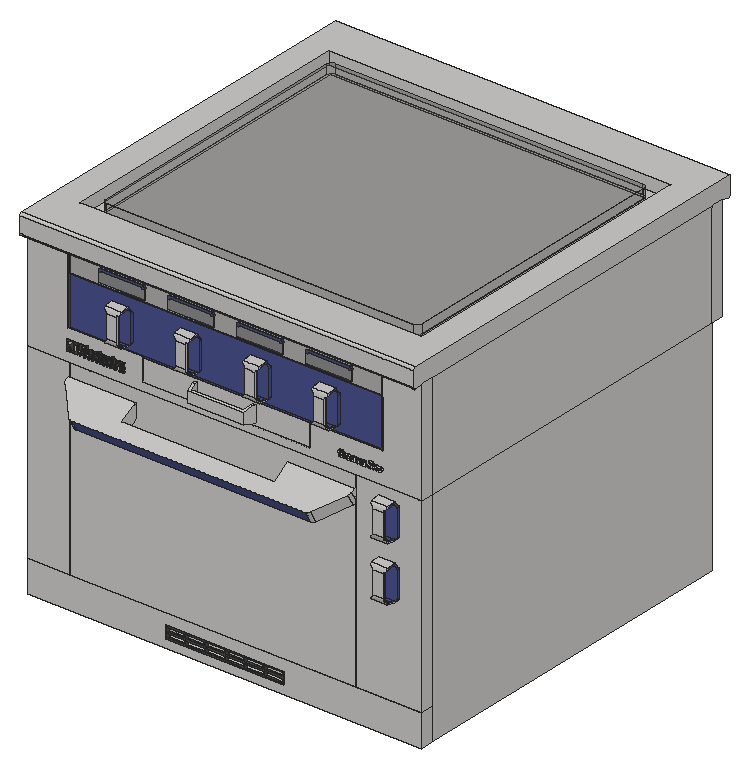
Revit family "QF_ELECTROLUXPROFESSIONAL_588414_MALMEAH8AO", category Attrezzature speciali, Revit 2020
Family settings
  Quota connettore circolare = Usa diametro
  Tipo di parte = Normale
  Basato su piano di lavoro = No
  Sempre verticale = Sì
  Taglio con vuoti quando caricato = No
  Condiviso = No
  Punto di calcolo locali = No
Parameters (values of type "Standard")
  Weight = 208.00 kg
  Watts = 17300 W
  Volts = 400 V
  URL Manufacturer = "https://www.electroluxprofessional.com/"
  URL = "https://www.electroluxprofessional.com/"
  Steam Supply Size = 0"
  Steam Supply Minimum Pressure = 0.00 psi
  Steam Supply Maximum Pressure = 0.00 psi
  Steam Consumption per Hour = 0
  Refrigeration Suction Line Size = 0 mm
  Refrigeration Liquid Line Size = 0 mm
  Refrigerant Compressor Remote = yes
  Prospetto di default = 0 mm
  Phase = 3
  Modello = "MALMEAH8AO"
  Produttore = "Electrolux Professional"
  Length Actual = 800 mm  # constant formula
  Item Number = "588414"
  Hot Water Size = 0"
  Height Actual = 700 mm  # constant formula
  HP = "23.2 HP"
  Gas Size = 0"
  Gas KW = 0
  Gas Input Pressure = 0.0 Btu/h
  Direct Waste Size = 0"
  Descrizione = "EL.SOLID T,ECO,ST.OV,1S,800X800X700H"
  Depth Actual = 800 mm  # constant formula
  Cycle = 50 Hz
  Condensate Return Size = 0"
  Compressed Air Volume = 0 GPM
  Compressed Air Size = 0"
  Compressed Air Pressure = 0.00 psi
  Cold Water Size = 0"
  Accessory = yes
Reference planes
  plane 1 "BACK": y = 0
  plane 2: z = 0
  plane 3 "LEFT": x = 0
  plane 4 "RIGHT": x = 800
  plane 5 "FRONT": y = -800
  plane 6 "TOP": z = 900
  plane 7 "Center (Left/Right)": x = 400
  plane 8: y = -400
  plane 9: z = 200
  plane 10: y = -150
  plane 11 "Panel": y = -755
  plane 12: z = 798
  plane 13: z = 1327
  plane 14: x = 78
  plane 15: x = 722
  plane 16: y = -150
  plane 17: y = -650
  plane 18 "EIx": x = 755
  plane 19 "EIy": y = -585
Forms (mm)
  Extrusion 1, solid, material "QF_Finishes_Stainless Steel"
    sketch origin (-178.969, -4572, 200) x (-1, 0, 0) y (0, -1, 0)
      loop
        line (-178.969, -4527) -> (-178.969, -3817) -> (-978.969, -3817) -> (-978.969, -4527) -> (-178.969, -4527)
    from 450 to 663
  Extrusion 2, solid, material "QF_Finishes_Stainless Steel"
    sketch origin (0, 0, 0) x (0, 1, 0) y (0, 0, 1)
      loop
        line (-755, 200) -> (-755, 265) -> (-780, 265) -> (-780, 200) -> (-755, 200)
    from 0 to 800
  Extrusion 3, solid, material "QF_Finishes_Stainless Steel"
    sketch origin (-588.969, -4562, 200) x (-1, 0, 0) y (0, -1, 0)
      loop
        circle (-1343.969, -3977) r 6.35
    from 0 to -11.851
  Extrusion 4, solid, material "QF_Finishes_Stainless Steel"
    sketch origin (400, 296.4, 1219.2) x (0, 1, 0) y (0, 0, 1)
      loop
        line (-296.4, -319.2) -> (-1091.4, -319.2)
        arc (-1091.4, -319.2) -> (-1094.935, -320.664) -> (-1096.4, -324.2) r 5
        line (-1096.4, -324.2) -> (-1096.4, -355.2)
        arc (-1096.4, -355.2) -> (-1094.971, -358.264) -> (-1091.705, -359.139) r 4
        line (-1091.705, -359.139) -> (-1076.4, -356.231) -> (-316.4, -356.231) -> (-301.094, -359.139)
        arc (-301.094, -359.139) -> (-297.829, -358.264) -> (-296.4, -355.2) r 4
        line (-296.4, -355.2) -> (-296.4, -319.2)
    from -400 to 400
  Extrusion 5, solid, material "QF_Finishes_Electrolux_Black Smoke Iluminated"
    sketch origin (0, 0, 900) x (-1, 0, 0) y (0, -1, 0)
      loop
        arc (-88, 109) -> (-80.929, 111.929) -> (-78, 119) r 10
        line (-78, 119) -> (-78, 680)
        arc (-78, 680) -> (-80.929, 687.071) -> (-88, 690) r 10
        line (-88, 690) -> (-712, 690)
        arc (-712, 690) -> (-719.071, 687.071) -> (-722, 680) r 10
        line (-722, 680) -> (-722, 119)
        arc (-722, 119) -> (-719.071, 111.929) -> (-712, 109) r 10
        line (-712, 109) -> (-88, 109)
    from 0 to -20
  Extrusion 6, solid, material "QF_Finishes_Stainless Steel"
    sketch origin (-178.969, -4572, 200) x (-1, 0, 0) y (0, -1, 0)
      loop
        line (-178.969, -4527) -> (-178.969, -3817) -> (-978.969, -3817) -> (-978.969, -4527) -> (-178.969, -4527)
    from 450 to 0
  Extrusion 7, void
    sketch origin (0, -755, 0) x (-1, 0, 0) y (0, 0, 1)
      loop
        line (-520, 216.594) -> (-280, 216.594) -> (-280, 241.594) -> (-520, 241.594) -> (-520, 216.594)
    from 0 to -25
  Extrusion 8, solid, material "QF_Finishes_Black"
    sketch origin (0, -755, 0) x (-1, 0, 0) y (0, 0, 1)
      loop
        line (-280, 241.594) -> (-520, 241.594) -> (-520, 216.594) -> (-280, 216.594) -> (-280, 241.594)
      loop
        line (-282, 239.594) -> (-319.131, 239.594) -> (-319.131, 230.094) -> (-282, 230.094) -> (-282, 239.594)
      loop
        line (-282, 218.594) -> (-282, 228.094) -> (-319.131, 228.094) -> (-319.131, 218.594) -> (-282, 218.594)
      loop
        line (-321.131, 239.594) -> (-359.066, 239.594) -> (-359.066, 230.094) -> (-321.131, 230.094) -> (-321.131, 239.594)
      loop
        line (-399, 239.594) -> (-399, 230.094) -> (-361.066, 230.094) -> (-361.066, 239.594) -> (-399, 239.594)
      loop
        line (-401, 239.594) -> (-438.934, 239.594) -> (-438.934, 230.094) -> (-401, 230.094) -> (-401, 239.594)
      loop
        line (-359.066, 218.594) -> (-321.131, 218.594) -> (-321.131, 228.094) -> (-359.066, 228.094) -> (-359.066, 218.594)
      loop
        line (-361.066, 218.594) -> (-361.066, 228.094) -> (-399, 228.094) -> (-399, 218.594) -> (-361.066, 218.594)
      loop
        line (-401, 228.094) -> (-438.934, 228.094) -> (-438.934, 218.594) -> (-401, 218.594) -> (-401, 228.094)
      loop
        line (-518, 239.594) -> (-518, 230.094) -> (-480.869, 230.094) -> (-480.869, 239.594) -> (-518, 239.594)
      loop
        line (-518, 218.594) -> (-480.869, 218.594) -> (-480.869, 228.094) -> (-518, 228.094) -> (-518, 218.594)
      loop
        line (-478.869, 239.594) -> (-478.869, 230.094) -> (-440.934, 230.094) -> (-440.934, 239.594) -> (-478.869, 239.594)
      loop
        line (-440.934, 218.594) -> (-440.934, 228.094) -> (-478.869, 228.094) -> (-478.869, 218.594) -> (-440.934, 218.594)
    from -25.03 to -20
  Extrusion 9, void
    sketch origin (0, 0, 900) x (-1, 0, 0) y (0, -1, 0)
      loop
        line (-53, 715) -> (-747, 715) -> (-747, 84) -> (-53, 84) -> (-53, 715)
    from 0 to -25
  Extrusion 10, solid, material "QF_Finishes_Stainless Steel"
    sketch origin (0, 0, 900) x (-1, 0, 0) y (0, -1, 0)
      loop
        line (-82, 113) -> (-82, 686) -> (-718, 686) -> (-718, 113) -> (-82, 113)
    from -20 to -25
  Extrusion 11, solid, material "QF_Finishes_Stainless Steel"
    sketch origin (400, 296.4, 1219.169) x (0, 1, 0) y (0, 0, 1)
      loop
        line (-341.4, -356.2) -> (-341.4, -569.2) -> (-316.4, -569.2) -> (-316.4, -356.2) -> (-341.4, -356.2)
    from -400 to 400
Cuts and joins
  Extrusion 7 cuts Extrusion 6
  Extrusion 7 cuts Extrusion 2
  Extrusion 9 cuts Extrusion 4
Lines and regions (mm)
  symbolic lines
    curve 1: line (0, 0, 200) -> (800, 0, 200)
    curve 2: line (0, -800, 200) -> (0, 0, 200)
    curve 3: line (800, -800, 200) -> (0, -800, 200)
    curve 4: line (800, 0, 200) -> (800, -800, 200)
    curve 5: line (712, -109, 200) -> (88, -109, 200)
    curve 6: line (78, -119, 200) -> (78, -680, 200)
    curve 7: line (88, -690, 200) -> (712, -690, 200)
    curve 8: line (722, -680, 200) -> (722, -119, 200)
    curve 9: arc (88, -109, 200) -> (80.929, -111.929, 200) -> (78, -119, 200) r 10
    curve 10: arc (722, -119, 200) -> (719.071, -111.929, 200) -> (712, -109, 200) r 10
    curve 11: arc (712, -690, 200) -> (719.071, -687.071, 200) -> (722, -680, 200) r 10
    curve 12: arc (78, -680, 200) -> (80.929, -687.071, 200) -> (88, -690, 200) r 10
    curve 13: line (747, -84, 900) -> (53, -84, 900)
    curve 14: line (53, -84, 900) -> (53, -715, 900)
    curve 15: line (747, -715, 900) -> (747, -84, 900)
    curve 16: line (53, -715, 900) -> (747, -715, 900)
  model lines, style "SpecialityEquipment"
    curve 17: arc (584, -161, 900) -> (530.967, -289.033, 900) -> (659, -236, 900) r 75
    curve 18: line (639, -236, 900) -> (679, -236, 900)
    curve 19: line (679, -236, 900) -> (659, -216, 900)
    curve 20: line (639, -236, 900) -> (659, -216, 900)
    curve 21: arc (216, -161, 900) -> (162.967, -289.033, 900) -> (291, -236, 900) r 75
    curve 22: line (271, -236, 900) -> (311, -236, 900)
    curve 23: line (311, -236, 900) -> (291, -216, 900)
    curve 24: line (271, -236, 900) -> (291, -216, 900)
    curve 25: arc (584, -489, 900) -> (530.967, -617.033, 900) -> (659, -564, 900) r 75
    curve 26: line (639, -564, 900) -> (679, -564, 900)
    curve 27: line (679, -564, 900) -> (659, -544, 900)
    curve 28: line (639, -564, 900) -> (659, -544, 900)
    curve 29: arc (216, -489, 900) -> (162.967, -617.033, 900) -> (291, -564, 900) r 75
    curve 30: line (271, -564, 900) -> (311, -564, 900)
    curve 31: line (311, -564, 900) -> (291, -544, 900)
    curve 32: line (271, -564, 900) -> (291, -544, 900)
Dimensions and locks
  plane 3 "LEFT" to plane 4 "RIGHT" = 800 mm
  plane 5 "FRONT" to plane 1 "BACK" = 800 mm
  equal spacing: plane 3 "LEFT", plane 7 "Center (Left/Right)", plane 4 "RIGHT"
  equal spacing: plane 5 "FRONT", plane 8, plane 1 "BACK"
  plane 6 "TOP" to level = 900 mm  (x2)
  plane 9 to level = 200 mm
  plane 1 "BACK" to plane 10 to plane 11 "Panel" = 150 mm, 605 mm  (x2)
  plane 6 "TOP" to plane 9 to level = 700 mm, 200 mm
  plane 1 "BACK" to plane 5 "FRONT" = 800 mm
  plane 1 "BACK" to Extrusion 3 = 585 mm
  plane 12 to plane 9 = 598 mm
  plane 13 to plane 6 "TOP" = 427 mm
  plane 6 "TOP" to plane 12 = 102 mm
  plane 14 to plane 3 "LEFT" = 78 mm
  plane 15 to plane 4 "RIGHT" = 78 mm
  locked: plane 1 "BACK" to plane 16 at 150
  locked: plane 16 to plane 17 at 500
  plane 11 "Panel" to plane 5 "FRONT" = 45 mm
  plane 18 "EIx" to plane 4 "RIGHT" = 45 mm
  plane 19 "EIy" to plane 1 "BACK" = 585 mm
  aligned and locked: level to plane 2
  aligned and locked: Extrusion 2 to plane 4 "RIGHT"
  aligned and locked: plane 3 "LEFT" to nested 1
Automatic sketch dimensions
  Extrusion 2 sketch curve to plane 9 = 0 mm
  Extrusion 2 sketch curve to plane 11 "Panel" = 0 mm
  Extrusion 2 sketch curve to plane 5 "FRONT" = 20 mm
  plane 9 to Extrusion 2 sketch curve = 65 mm
  Extrusion 3 sketch curve to plane 18 "EIx" = 0 mm
  Extrusion 3 sketch curve to plane 19 "EIy" = 0 mm
  Extrusion 4 sketch curve to plane 5 "FRONT" = 0 mm
  Extrusion 4 sketch curve to plane 6 "TOP" = 0 mm
  Extrusion 4 sketch curve to plane 1 "BACK" = 0 mm
  Extrusion 4 sketch curve to plane 5 "FRONT" = 4 mm
  Extrusion 4 sketch curve to Extrusion 4 sketch curve = 0.695 mm
  Extrusion 4 sketch curve to plane 5 "FRONT" = 5 mm
  Extrusion 4 sketch curve to Extrusion 4 sketch curve = 15.305 mm
  plane 1 "BACK" to Extrusion 4 sketch curve = 20 mm
  plane 1 "BACK" to Extrusion 4 sketch curve = 4.695 mm
  Extrusion 4 sketch curve to Extrusion 4 sketch curve = 4 mm
  Extrusion 4 sketch curve to Extrusion 4 sketch curve = 31 mm
  Extrusion 4 sketch curve to plane 6 "TOP" = 36 mm
  Extrusion 4 sketch curve to Extrusion 4 sketch curve = 2.909 mm
  Extrusion 5 sketch curve to plane 15 = 0 mm
  Extrusion 5 sketch curve to plane 14 = 0 mm
  plane 15 to Extrusion 5 sketch curve = 10 mm  (x2)
  Extrusion 5 sketch curve to Extrusion 5 sketch curve = 10 mm  (x2)
  plane 10 to Extrusion 5 sketch curve = 41 mm
  plane 17 to Extrusion 5 sketch curve = 30 mm
  plane 9 to Extrusion 7 sketch curve = 41.594 mm
  plane 7 "Center (Left/Right)" to Extrusion 7 sketch curve = 120 mm
  Extrusion 7 sketch curve to plane 7 "Center (Left/Right)" = 120 mm
  plane 9 to Extrusion 7 sketch curve = 16.594 mm
  plane 9 to Extrusion 8 sketch curve = 41.594 mm
  plane 7 "Center (Left/Right)" to Extrusion 8 sketch curve = 120 mm
  Extrusion 8 sketch curve to Extrusion 8 sketch curve = 2 mm  (x15)
  Extrusion 8 sketch curve to Extrusion 8 sketch curve = 0 mm  (x16)
  Extrusion 8 sketch curve to Extrusion 8 sketch curve = 37.131 mm  (x2)
  Extrusion 8 sketch curve to Extrusion 8 sketch curve = 37.934 mm  (x3)
  plane 7 "Center (Left/Right)" to Extrusion 8 sketch curve = 1 mm  (x2)
  Extrusion 8 sketch curve to plane 7 "Center (Left/Right)" = 1 mm  (x2)
  plane 9 to Extrusion 8 sketch curve = 18.594 mm  (x4)
  Extrusion 8 sketch curve to Extrusion 8 sketch curve = 9.5 mm  (x6)
  plane 18 "EIx" to Extrusion 9 sketch curve = 8 mm
  plane 14 to Extrusion 9 sketch curve = 25 mm
  plane 10 to Extrusion 9 sketch curve = 66 mm
  plane 11 "Panel" to Extrusion 9 sketch curve = 40 mm
  Extrusion 10 sketch curve to plane 14 = 4 mm
  plane 15 to Extrusion 10 sketch curve = 4 mm
  plane 17 to Extrusion 10 sketch curve = 36 mm
  plane 10 to Extrusion 10 sketch curve = 37 mm
  Extrusion 1 sketch curve to plane 4 "RIGHT" = 0 mm
  Extrusion 1 sketch curve to plane 3 "LEFT" = 0 mm
  Extrusion 1 sketch curve to plane 11 "Panel" = 0 mm
  plane 1 "BACK" to Extrusion 1 sketch curve = 45 mm
  plane 1 "BACK" to curve 1 = 0 mm
  curve 1 to plane 4 "RIGHT" = 0 mm
  curve 8 to plane 15 = 0 mm
  curve 6 to plane 14 = 0 mm
  curve 2 to plane 3 "LEFT" = 0 mm
  plane 5 "FRONT" to curve 3 = 0 mm
  plane 15 to curve 5 = 10 mm
  curve 11 to curve 11 = 10 mm
  curve 5 to plane 14 = 10 mm
  curve 12 to curve 6 = 10 mm
  plane 10 to curve 5 = 41 mm
  plane 17 to curve 11 = 30 mm
  Extrusion 6 sketch curve to plane 4 "RIGHT" = 0 mm
  Extrusion 6 sketch curve to plane 3 "LEFT" = 0 mm
  Extrusion 6 sketch curve to plane 11 "Panel" = 0 mm
  plane 1 "BACK" to Extrusion 6 sketch curve = 45 mm
  curve 20 to curve 17 = 55 mm
  curve 26 to curve 25 = 55 mm
  curve 19 to curve 18 = 20 mm
  curve 26 to curve 27 = 20 mm
  curve 18 to curve 19 = 20 mm
  plane 18 "EIx" to curve 13 = 8 mm
  curve 31 to plane 7 "Center (Left/Right)" = 89 mm
  curve 23 to plane 7 "Center (Left/Right)" = 89 mm
  curve 22 to curve 24 = 20 mm
  curve 30 to curve 31 = 20 mm
  curve 23 to curve 22 = 20 mm
  curve 31 to curve 30 = 20 mm
  curve 22 to curve 21 = 55 mm
  curve 30 to curve 29 = 55 mm
  plane 14 to curve 14 = 25 mm
  plane 10 to curve 13 = 66 mm
  plane 11 "Panel" to curve 16 = 40 mm
  curve 29 to curve 30 = 20 mm
  curve 27 to curve 26 = 40 mm
  curve 25 to curve 26 = 20 mm
  plane 15 to curve 19 = 43 mm
  curve 17 to curve 18 = 20 mm
  curve 21 to curve 22 = 20 mm
  Extrusion 11 sketch curve to Extrusion 11 sketch curve = 25 mm
  plane 1 "BACK" to Extrusion 11 sketch curve = 20 mm
  Extrusion 11 sketch curve to plane 12 = 148.031 mm
  Extrusion 11 sketch curve to plane 6 "TOP" = 37.031 mm
  plane 19 "EIy" to curve 27 = 21 mm
  plane 15 to curve 27 = 43 mm
  curve 23 to plane 10 = 66 mm
  curve 19 to plane 10 = 66 mm
  plane 19 "EIy" to curve 32 = 41 mm
  radius of Extrusion 3 sketch curve = 6.35 mm
Nested families
  nested 1: "Door_Panel_W800_A" at (300, -755, 0), type "Door_Panel_W800_A"
  nested 2: "FIT Range Control Handle" at (730, -783.167, -372.751), type "FIT Range Control Handle"
  nested 3: "FIT Range Control Handle" at (730, -783.167, -484.751), type "FIT Range Control Handle"
  nested 4: "Front_Panel_W800_Four Knobs" at (202.376, -755, 0), type "Front_Panel_W800_Four Knobs"
Connectors
  electrical at (755, -585, 188.149)
    settings: on Extrusion 3, index 1, voltage 400 V, apparent load 33000 VA, apparent load phase1 0 VA, apparent load phase2 0 VA, apparent load phase3 0 VA, power factor 1, load classification "Other", number of poles 1, system type 30, power factor state 1, is connector primary yes, connector utility no, sub classification motor no, connector description "ELECTRICAL CONNECTION"
Definition of nested family "Door_Panel_W800_A"
  Parameters
    Default Elevation = 0 mm
  Reference planes
    plane 1 "Center (Front/Back)": y = 0
    plane 2 "Ref. Level": z = 0
    plane 3: x = 500
    plane 4: x = -300
    plane 5 "Center (Left/Right)": x = 100
    plane 6: x = -215
    plane 7: x = 365
    plane 8 "Manopola": through (-6096, -50.059, 612.389) normal (0, -0.515, 0.8572)
    plane 9 "Top": z = 650
    plane 10: z = 265
    plane 11: z = 200
  Forms (mm)
    Extrusion 1, solid
      sketch origin (100, 0, 0) x (0, 1, 0) y (0, 0, 1)
        loop
          line (-25.03, 650) -> (-25.03, 265) -> (0, 265) -> (0, 650) -> (-25.03, 650)
      from 265 to 400
    Extrusion 2, solid
      sketch origin (100, 0, 0) x (0, 1, 0) y (0, 0, 1)
        loop
          line (-25.03, 650) -> (-25.03, 265) -> (0, 265) -> (0, 650) -> (-25.03, 650)
      from -400 to -315
    Extrusion 3, solid
      sketch origin (100, 0, 0) x (0, 1, 0) y (0, 0, 1)
        loop
          line (-25.03, 650) -> (-25.03, 265) -> (0, 265) -> (0, 650) -> (-25.03, 650)
      from -315 to 265
    Extrusion 4, solid
      sketch origin (0, -283.633, 472.044) x (0, 0.857167, 0.515038) y (-1, 0, 0)
        loop
          line (299.12, -365) -> (299.12, 215) -> (290.982, 215)
          arc (290.982, 215) -> (286.677, 214.026) -> (283.211, 211.293) r 10
          line (283.211, 211.293) -> (233.28, 170.86)
          arc (233.28, 170.86) -> (230.548, 167.394) -> (229.574, 163.089) r 10
          line (229.574, 163.089) -> (229.574, -313.089)
          arc (229.574, -313.089) -> (230.548, -317.394) -> (233.28, -320.86) r 10
          line (233.28, -320.86) -> (283.211, -361.293)
          arc (283.211, -361.293) -> (286.677, -364.026) -> (290.982, -365) r 10
          line (290.982, -365) -> (299.12, -365)
      from -27 to 0
    Extrusion 5, void
      sketch origin (100, 0, 0) x (0, 1, 0) y (0, 0, 1)
        loop
          line (-61.514, 605.507) -> (-47.608, 582.363) -> (-25.03, 595.93) -> (-25.03, 627.429) -> (-61.514, 605.507)
      from -180 to 130
    Extrusion 6, solid, detail levels coarse
      sketch origin (100, 0, 0) x (0, 1, 0) y (0, 0, 1)
        loop
          line (-25.03, 265) -> (-25.03, 650)
          arc (-25.03, 650) -> (-297.266, 537.236) -> (-410.03, 265) r 385
          line (-410.03, 265) -> (-25.03, 265)
      from -315 to 265
  Cuts and joins
    Extrusion 5 cuts Extrusion 4
    joined: Extrusion 3, Extrusion 4
  Lines and regions (mm)
    symbolic lines
      curve 1: line (-207.355, -45.043, 0) -> (-170.86, -83.673, 0)
      curve 2: line (-163.089, -86.85, 0) -> (313.089, -86.85, 0)
      curve 3: line (320.86, -83.673, 0) -> (357.355, -45.043, 0)
      curve 4: arc (-163.089, -86.85, 0) -> (-167.318, -86.101, 0) -> (-170.86, -83.673, 0) r 10.165
      curve 5: arc (313.089, -86.85, 0) -> (317.318, -86.101, 0) -> (320.86, -83.673, 0) r 10.165
      curve 6: line (-215, -45.043, 0) -> (-215, -410.03, 0)
      curve 7: line (-215, -410.03, 0) -> (365, -410.03, 0)
      curve 8: line (365, -410.03, 0) -> (365, -45.03, 0)
  Dimensions and locks
    plane 3 to plane 4 = 800 mm
    plane 4 to plane 3 = 800 mm
    equal spacing: plane 3, plane 5 "Center (Left/Right)", plane 4
    plane 6 to plane 4 = 85 mm
    plane 3 to plane 7 = 135 mm
    plane 11 to level = 200 mm
    plane 10 to plane 11 = 65 mm
    plane 10 to plane 9 "Top" = 385 mm
    plane 9 "Top" to plane 11 = 450 mm
    aligned and locked: plane 3 to Extrusion 1
    aligned and locked: cut or joined group of Extrusion 3, Extrusion 4, Extrusion 5 to plane 6
    aligned and locked: cut or joined group of Extrusion 3, Extrusion 4, Extrusion 5 to plane 7
    aligned and locked: plane 7 to Extrusion 1
    aligned and locked: plane 6 to Extrusion 2
    aligned and locked: Extrusion 2 to plane 4
    aligned and locked: plane 10 to Extrusion 2
    aligned and locked: plane 10 to cut or joined group of Extrusion 3, Extrusion 4, Extrusion 5
    aligned and locked: plane 10 to Extrusion 1
    aligned and locked: Extrusion 6 to plane 6
    aligned and locked: Extrusion 6 to plane 7
  Automatic sketch dimensions
    Extrusion 5 sketch curve to plane 8 "Manopola" = 0 mm  (x2)
    plane 1 "Center (Front/Back)" to Extrusion 5 sketch curve = 61.514 mm
    Extrusion 5 sketch curve to Extrusion 5 sketch curve = 13.906 mm
    plane 1 "Center (Front/Back)" to Extrusion 5 sketch curve = 25.03 mm
    Extrusion 4 sketch curve to plane 7 = 0 mm
    Extrusion 4 sketch curve to plane 6 = 0 mm
    plane 6 to Extrusion 4 sketch curve = 51.911 mm
    plane 7 to Extrusion 4 sketch curve = 44.14 mm
    Extrusion 4 sketch curve to Extrusion 4 sketch curve = 3.707 mm  (x2)
    plane 6 to Extrusion 4 sketch curve = 44.14 mm
    plane 7 to Extrusion 4 sketch curve = 3.707 mm
    Extrusion 4 sketch curve to Extrusion 4 sketch curve = 49.93 mm  (x2)
    plane 6 to Extrusion 4 sketch curve = 3.707 mm
    Extrusion 4 sketch curve to Extrusion 4 sketch curve = 7.771 mm  (x3)
    Extrusion 4 sketch curve to Extrusion 4 sketch curve = 8.138 mm
    Extrusion 2 sketch curve to plane 1 "Center (Front/Back)" = 0 mm
    Extrusion 3 sketch curve to plane 1 "Center (Front/Back)" = 0 mm
    Extrusion 1 sketch curve to plane 1 "Center (Front/Back)" = 0 mm
    Extrusion 2 sketch curve to plane 9 "Top" = 0 mm
    Extrusion 2 sketch curve to Extrusion 2 sketch curve = 25.03 mm
    Extrusion 3 sketch curve to plane 9 "Top" = 0 mm
    Extrusion 3 sketch curve to Extrusion 3 sketch curve = 25.03 mm
    Extrusion 1 sketch curve to plane 9 "Top" = 0 mm
    plane 1 "Center (Front/Back)" to Extrusion 1 sketch curve = 25.03 mm
    level to Extrusion 1 sketch curve = 265 mm
    level to Extrusion 2 sketch curve = 265 mm
    level to Extrusion 3 sketch curve = 265 mm
    plane 10 to Extrusion 6 sketch curve = 0 mm
    Extrusion 6 sketch curve to plane 9 "Top" = 0 mm
    plane 1 "Center (Front/Back)" to Extrusion 6 sketch curve = 25.03 mm
    curve 7 to plane 7 = 0 mm
    plane 6 to curve 1 = 44.14 mm
    curve 4 to curve 4 = 7.389 mm
    curve 4 to curve 2 = 7.771 mm
    plane 7 to curve 2 = 51.911 mm
    curve 2 to curve 5 = 0.382 mm
    curve 2 to curve 3 = 7.771 mm
    plane 1 "Center (Front/Back)" to curve 6 = 410.03 mm
    plane 1 "Center (Front/Back)" to curve 2 = 86.85 mm
    curve 2 to curve 3 = 3.177 mm
    curve 2 to curve 1 = 3.177 mm
    plane 7 to curve 3 = 7.645 mm
    plane 1 "Center (Front/Back)" to curve 3 = 45.043 mm
    curve 3 to curve 8 = 0.013 mm
    curve 7 to plane 6 = 0 mm
    curve 6 to curve 1 = 7.645 mm
    plane 1 "Center (Front/Back)" to curve 1 = 45.043 mm
    curve 6 to curve 1 = 0 mm
Definition of nested family "FIT Range Control Handle"
  Parameters
    Default Elevation = 0 mm
  Reference planes
    plane 1 "Center (Front/Back)": y = 0
    plane 2: z = 0
    plane 3 "Center (Left/Right)": x = 0
    plane 4: z = 971.092
    plane 5: y = -16.8
  Forms (mm)
    Extrusion 1, solid
      sketch origin (-746.28, 380.497, 208.931) x (-1, 0, 0) y (0, 0, 1)
        loop
          line (-770.101, 786.798) -> (-770.101, 731.649)
          arc (-770.101, 731.649) -> (-769.759, 730.563) -> (-768.855, 729.87) r 1.893
          line (-768.855, 729.87) -> (-763.474, 727.911) -> (-729.81, 727.911) -> (-724.428, 729.87)
          arc (-724.428, 729.87) -> (-723.525, 730.563) -> (-723.183, 731.649) r 1.893
          line (-723.183, 731.649) -> (-723.183, 786.798)
          arc (-723.183, 786.798) -> (-723.529, 787.894) -> (-724.44, 788.593) r 1.91
          line (-724.44, 788.593) -> (-729.683, 790.819) -> (-763.601, 790.819) -> (-768.844, 788.593)
          arc (-768.844, 788.593) -> (-769.755, 787.894) -> (-770.101, 786.798) r 1.91
      from -382.35 to -378.852
    Sweep 2, solid
      path origin (-746.788, 380.496, 208.091) x (0, -1, 0) y (0, 0, 1)
        loop
          line (379.775, 793.281) -> (395.661, 791.048)
          arc (395.661, 791.048) -> (397.781, 787.377) -> (398.517, 783.202) r 12.207
          line (398.517, 783.202) -> (398.517, 737.368)
          arc (398.517, 737.368) -> (397.781, 733.193) -> (395.661, 729.522) r 12.207
          line (395.661, 729.522) -> (379.775, 727.289)
      profile origin (-746.788, -7.222, 1000.256) x (0, -0.139173, 0.990268) y (-1, 0, 0)
        loop
          line (0.782, -763.123) -> (0.782, -730.907) -> (-1.322, -730.907) -> (-1.322, -763.123) -> (0.782, -763.123)
    Sweep 3, solid
      path origin (-746.788, 380.715, 207.832) x (0, -1, 0) y (0, 0, 1)
        loop
          line (380.478, 795.442) -> (397.218, 793.09)
          arc (397.218, 793.09) -> (399.929, 788.473) -> (400.871, 783.202) r 15.207
          line (400.871, 783.202) -> (400.871, 737.584)
          arc (400.871, 737.584) -> (399.914, 732.274) -> (397.164, 727.633) r 15.207
          line (397.164, 727.633) -> (380.601, 725.305)
      profile origin (-746.788, -8.132, 1002.099) x (0, -0.139173, 0.990268) y (-1, 0, 0)
        loop
          line (0.782, -763.123) -> (0.782, -730.907) -> (-1.322, -730.907) -> (-1.322, -763.123) -> (0.782, -763.123)
    Extrusion 4, void
      sketch origin (889.253, 220.666, 207.993) x (1, 0, 0) y (0, 0, 1)
        loop
          line (-943.038, 816.854) -> (-943.038, 703.686) -> (-899.466, 734.196) -> (-899.466, 786.344) -> (-943.038, 816.854)
      from 230.636 to 242.25
    Extrusion 5, void
      sketch origin (-888.8, 220.666, 207.993) x (-1, 0, 0) y (0, 0, -1)
        loop
          line (-943.038, -816.854) -> (-899.466, -786.344) -> (-899.466, -734.196) -> (-943.038, -703.686) -> (-943.038, -816.854)
      from 230.636 to 242.25
    Extrusion 6, solid
      sketch origin (0, 0, 0) x (1, 0, 0) y (0, 0, 1)
        loop
          circle (0, 971.092) r 7.736
      from -3.137 to -1.645
  Cuts and joins
    Extrusion 4, Extrusion 5 cuts Sweep 3
    Extrusion 4, Extrusion 5 cuts Sweep 2
    joined: Extrusion 1, Extrusion 6
  Lines and regions (mm)
    symbolic lines
      curve 1: line (-15.881, -19.189, 0) -> (-15.881, -16.8, 0)
      curve 2: line (16.334, -19.189, 0) -> (16.334, -16.8, 0)
      curve 3: spline (-15.881, -19.189, 0) -> (-15.417, -19.349, 0) -> (-14.951, -19.501, 0) -> (-14.483, -19.646, 0) -> (-14.014, -19.783, 0) -> (-13.543, -19.912, 0) -> (-13.071, -20.033, 0) -> (-12.597, -20.146, 0) -> (-12.122, -20.251, 0) -> (-11.646, -20.349, 0) -> (-11.169, -20.438, 0) -> (-10.691, -20.52, 0) -> (-10.213, -20.593, 0)
      curve 4: spline (10.666, -20.593, 0) -> (11.144, -20.52, 0) -> (11.622, -20.438, 0) -> (12.099, -20.349, 0) -> (12.575, -20.251, 0) -> (13.05, -20.146, 0) -> (13.524, -20.033, 0) -> (13.996, -19.912, 0) -> (14.467, -19.783, 0) -> (14.936, -19.646, 0) -> (15.404, -19.501, 0) -> (15.87, -19.349, 0) -> (16.334, -19.189, 0)
      curve 5: line (-10.213, -20.938, 0) -> (10.716, -20.938, 0)
  Dimensions and locks
    cut or joined group of Sweep 3, Extrusion 4, Extrusion 5 to cut or joined group of Sweep 3, Extrusion 4, Extrusion 5 = 71.686 mm
Definition of nested family "Front_Panel_W800_Four Knobs"
  Parameters
    Default Elevation = 0 mm
  Reference planes
    plane 1 "Center (Front/Back)": y = 0
    plane 2: z = 0
    plane 3 "Center (Left/Right)": x = 197.624
    plane 4 "Left": x = -202.376
    plane 5 "Right": x = 597.624
    plane 6: y = -45
    plane 7: x = -12.376
    plane 8: x = 127.624
    plane 9: y = -310
    plane 10: y = -25
    plane 11: x = 517.624
    plane 12: x = -122.376
  Forms (mm)
    Extrusion 1, solid
      sketch origin (833.217, 829.203, -1.25) x (0, 1, 0) y (0, 0, 1)
        loop
          line (-854.203, 651.25) -> (-829.203, 651.25) -> (-829.203, 864.25) -> (-854.203, 864.25) -> (-854.203, 651.25)
      from -1035.593 to -235.593
    Extrusion 2, void
      sketch origin (0, 0, 0) x (1, 0, 0) y (0, 0, 1)
        loop
          line (-122.376, 853.866) -> (-122.376, 711.866) -> (517.624, 711.866) -> (517.624, 853.866) -> (-122.376, 853.866)
      from 19.387 to 33.951
    Extrusion 3, void
      sketch origin (0, 0, 0) x (1, 0, 0) y (0, 0, 1)
        loop
          line (30.124, 711.866) -> (30.124, 666.866) -> (370.124, 666.866) -> (370.124, 711.866) -> (30.124, 711.866)
      from 19.387 to 25
    Extrusion 4, solid
      sketch origin (0, 0, 0) x (1, 0, 0) y (0, 0, 1)
        loop
          line (31.124, 710.866) -> (31.124, 667.866) -> (369.124, 667.866) -> (369.124, 710.866) -> (31.124, 710.866)
      from 19.387 to 25
    Extrusion 5, solid
      sketch origin (0, 0, 0) x (1, 0, 0) y (0, 1, 0)
        loop
          line (141.059, -25) -> (135.966, -25) -> (140.646, -49.075) -> (254.603, -49.075) -> (259.283, -25) -> (254.189, -25) -> (250.481, -44.075) -> (144.767, -44.075) -> (141.059, -25)
      from 672.593 to 705.67
    Extrusion 6, void
      sketch origin (197.624, 0, 0) x (0, 1, 0) y (0, 0, 1)
        loop
          line (-30, 705.67) -> (-30, 710.67) -> (-56.744, 710.67) -> (-56.744, 667.593) -> (-30, 667.593) -> (-30, 672.593) -> (-53.776, 680.318) -> (-53.776, 697.945) -> (-30, 705.67)
      from -70 to 70
    Extrusion 7, solid, detail levels coarse
      sketch origin (0, -265, 0) x (1, 0, 0) y (0, 1, 0)
        loop
          line (140.646, -69.075) -> (254.603, -69.075) -> (259.283, -45) -> (364.124, -45) -> (364.124, 240) -> (31.124, 240) -> (31.124, -45) -> (135.966, -45) -> (140.646, -69.075)
      from 672.593 to 705.67
    Extrusion 8, void
      sketch origin (197.624, -280, 0) x (0, 1, 0) y (0, 0, 1)
        loop
          line (-30, 705.67) -> (-30, 710.67) -> (-56.744, 710.67) -> (-56.744, 667.593) -> (-30, 667.593) -> (-30, 672.593) -> (-53.776, 680.318) -> (-53.776, 697.945) -> (-30, 705.67)
      from -70 to 70
  Cuts and joins
    Extrusion 2, Extrusion 3 cuts Extrusion 1
    Extrusion 6, Extrusion 8 cuts Extrusion 5
    Extrusion 8 cuts Extrusion 7
  Lines and regions (mm)
    symbolic lines
      curve 1: line (31.124, -45, 0) -> (31.124, -310, 0)
      curve 2: line (31.124, -310, 0) -> (364.124, -310, 0)
      curve 3: line (135.966, -310, 0) -> (140.646, -334.075, 0)
      curve 4: line (140.646, -334.075, 0) -> (254.603, -334.075, 0)
      curve 5: line (254.603, -334.075, 0) -> (259.283, -310, 0)
      curve 6: line (364.124, -310, 0) -> (364.124, -45, 0)
      curve 7: line (31.124, -300, 0) -> (364.124, -300, 0)
      curve 8: line (140.874, -309.046, 0) -> (144.767, -329.075, 0)
      curve 9: line (144.767, -329.075, 0) -> (250.481, -329.075, 0)
      curve 10: line (250.481, -329.075, 0) -> (254.375, -309.046, 0)
  Dimensions and locks
    equal spacing: plane 5 "Right", plane 3 "Center (Left/Right)", plane 4 "Left"
    plane 5 "Right" to plane 4 "Left" = 800 mm
    plane 3 "Center (Left/Right)" to plane 7 = 210 mm
    plane 3 "Center (Left/Right)" to plane 8 = 70 mm
    plane 6 to plane 9 = 265 mm
    aligned and locked: cut or joined group of Extrusion 1, Extrusion 2, Extrusion 3 to plane 4 "Left"
    aligned and locked: plane 5 "Right" to cut or joined group of Extrusion 1, Extrusion 2, Extrusion 3
    aligned and locked: plane 3 "Center (Left/Right)" to nested 2
    aligned and locked: cut or joined group of Extrusion 1, Extrusion 2, Extrusion 3 to nested 2
  Automatic sketch dimensions
    plane 7 to Extrusion 3 sketch curve = 42.5 mm
    plane 3 "Center (Left/Right)" to Extrusion 3 sketch curve = 172.5 mm
    level to Extrusion 3 sketch curve = 666.866 mm
    Extrusion 3 sketch curve to Extrusion 3 sketch curve = 45 mm
    plane 7 to Extrusion 4 sketch curve = 43.5 mm
    plane 3 "Center (Left/Right)" to Extrusion 4 sketch curve = 171.5 mm
    level to Extrusion 4 sketch curve = 667.866 mm
    Extrusion 4 sketch curve to Extrusion 4 sketch curve = 43 mm
    plane 8 to Extrusion 5 sketch curve = 8.342 mm
    plane 6 to Extrusion 5 sketch curve = 4.075 mm
    plane 8 to Extrusion 5 sketch curve = 13.021 mm
    Extrusion 5 sketch curve to Extrusion 5 sketch curve = 5.094 mm  (x2)
    Extrusion 5 sketch curve to plane 6 = 0.925 mm
    Extrusion 5 sketch curve to Extrusion 5 sketch curve = 4.122 mm  (x2)
    plane 3 "Center (Left/Right)" to Extrusion 5 sketch curve = 52.857 mm
    Extrusion 5 sketch curve to plane 6 = 20 mm  (x2)
    Extrusion 5 sketch curve to Extrusion 5 sketch curve = 3.708 mm
    plane 6 to Extrusion 6 sketch curve = 11.744 mm
    plane 6 to Extrusion 6 sketch curve = 8.776 mm
    Extrusion 6 sketch curve to plane 6 = 15 mm  (x2)
    level to Extrusion 6 sketch curve = 667.593 mm
    Extrusion 6 sketch curve to Extrusion 6 sketch curve = 5 mm
    Extrusion 6 sketch curve to Extrusion 6 sketch curve = 12.725 mm  (x2)
    Extrusion 6 sketch curve to Extrusion 6 sketch curve = 17.627 mm
    Extrusion 6 sketch curve to Extrusion 6 sketch curve = 7.725 mm
    Extrusion 8 sketch curve to plane 9 = 26.744 mm
    Extrusion 8 sketch curve to plane 9 = 23.776 mm
    plane 9 to Extrusion 8 sketch curve = 0 mm  (x2)
    level to Extrusion 8 sketch curve = 667.593 mm
    Extrusion 8 sketch curve to Extrusion 8 sketch curve = 5 mm
    Extrusion 8 sketch curve to Extrusion 8 sketch curve = 12.725 mm  (x2)
    Extrusion 8 sketch curve to Extrusion 8 sketch curve = 17.627 mm
    Extrusion 8 sketch curve to Extrusion 8 sketch curve = 7.725 mm
    plane 9 to Extrusion 7 sketch curve = 0 mm  (x2)
    plane 7 to Extrusion 7 sketch curve = 43.5 mm
    plane 8 to Extrusion 7 sketch curve = 8.342 mm
    Extrusion 7 sketch curve to plane 9 = 24.075 mm
    plane 8 to Extrusion 7 sketch curve = 13.021 mm
    Extrusion 7 sketch curve to Extrusion 7 sketch curve = 104.842 mm
    Extrusion 7 sketch curve to plane 6 = 20 mm
    plane 3 "Center (Left/Right)" to Extrusion 7 sketch curve = 56.979 mm
    Extrusion 7 sketch curve to Extrusion 7 sketch curve = 4.68 mm
    Extrusion 1 sketch curve to plane 1 "Center (Front/Back)" = 0 mm
    level to Extrusion 1 sketch curve = 650 mm
    plane 4 "Left" to Extrusion 2 sketch curve = 80 mm
    Extrusion 2 sketch curve to plane 5 "Right" = 80 mm
    level to Extrusion 2 sketch curve = 711.866 mm
    Extrusion 2 sketch curve to Extrusion 2 sketch curve = 142 mm
    plane 6 to curve 1 = 0 mm
    plane 6 to curve 6 = 0 mm
    plane 9 to curve 1 = 0 mm
    plane 7 to curve 1 = 43.5 mm
    curve 4 to plane 9 = 24.075 mm
    plane 8 to curve 4 = 13.021 mm
    curve 3 to curve 8 = 4.122 mm
    plane 3 "Center (Left/Right)" to curve 4 = 56.979 mm
    curve 4 to curve 2 = 109.521 mm
    plane 8 to curve 3 = 8.342 mm
    curve 3 to curve 8 = 4.908 mm
    curve 9 to curve 4 = 4.122 mm
    curve 10 to plane 9 = 19.075 mm
    curve 9 to curve 5 = 8.801 mm
    plane 9 to curve 10 = 0.954 mm
    curve 10 to curve 5 = 4.908 mm
    curve 3 to curve 8 = 0.954 mm
    curve 1 to curve 7 = 10 mm
    Extrusion 1 sketch curve to plane 6 = 20 mm
    Extrusion 1 sketch curve to Extrusion 1 sketch curve = 213 mm
  Nested families
    nested 1: "Range Control Handle" at (-12.376, -28.137, -209.113) x (-1, 0, 0) z (0, 0, 1), type "Range Control Handle"
    nested 2: "Front glass control panel W800" at (197.624, 280.644, 2.752), type "Front glass control panel W800"
    nested 3: "Range Control Handle" at (127.624, -28.137, -209.113) x (-1, 0, 0) z (0, 0, 1), type "Range Control Handle"
    nested 4: "Range Control Handle" at (407.624, -28.137, -209.113), type "Range Control Handle"
    nested 5: "Range Control Handle" at (267.624, -28.137, -209.113), type "Range Control Handle"
    nested 6: "ELX_ThermaLine_Small" at (468.838, -25, 679.426) x (1, 0, 0) z (0, -1, 0), type "ELX_ThermaLine_Small"
      with Show Logo yes, Material_Logo none
    nested 7: "ELX_Professional_Logo_Small" at (-62.89, -25, 681.659) x (1, 0, 0) z (0, -1, 0), type "ELX_Professional_Logo_Small"
      with Show Logo yes, Material_Logo none
  Definition of nested family "Range Control Handle"
    Parameters
      Default Elevation = 0 mm
    Reference planes
      plane 1 "Center (Front/Back)": y = 0
      plane 2: z = 0
      plane 3 "Center (Left/Right)": x = 0
      plane 4: z = 971.092
      plane 5: y = -16.9
    Forms (mm)
      Extrusion 1, solid
        sketch origin (-746.28, 380.497, 208.931) x (-1, 0, 0) y (0, 0, 1)
          loop
            line (-770.101, 786.798) -> (-770.101, 731.649)
            arc (-770.101, 731.649) -> (-769.759, 730.563) -> (-768.855, 729.87) r 1.893
            line (-768.855, 729.87) -> (-763.474, 727.911) -> (-729.81, 727.911) -> (-724.428, 729.87)
            arc (-724.428, 729.87) -> (-723.525, 730.563) -> (-723.183, 731.649) r 1.893
            line (-723.183, 731.649) -> (-723.183, 786.798)
            arc (-723.183, 786.798) -> (-723.529, 787.894) -> (-724.44, 788.593) r 1.91
            line (-724.44, 788.593) -> (-729.683, 790.819) -> (-763.601, 790.819) -> (-768.844, 788.593)
            arc (-768.844, 788.593) -> (-769.755, 787.894) -> (-770.101, 786.798) r 1.91
        from -382.35 to -378.852
      Sweep 2, solid
        path origin (-746.788, 380.496, 208.091) x (0, -1, 0) y (0, 0, 1)
          loop
            line (379.775, 793.281) -> (395.661, 791.048)
            arc (395.661, 791.048) -> (397.781, 787.377) -> (398.517, 783.202) r 12.207
            line (398.517, 783.202) -> (398.517, 737.368)
            arc (398.517, 737.368) -> (397.781, 733.193) -> (395.661, 729.522) r 12.207
            line (395.661, 729.522) -> (379.775, 727.289)
        profile origin (-746.788, -7.222, 1000.256) x (0, -0.139173, 0.990268) y (-1, 0, 0)
          loop
            line (0.782, -763.123) -> (0.782, -730.907) -> (-1.322, -730.907) -> (-1.322, -763.123) -> (0.782, -763.123)
      Sweep 3, solid
        path origin (-746.788, 380.715, 207.832) x (0, -1, 0) y (0, 0, 1)
          loop
            line (380.478, 795.442) -> (397.218, 793.09)
            arc (397.218, 793.09) -> (399.929, 788.473) -> (400.871, 783.202) r 15.207
            line (400.871, 783.202) -> (400.871, 737.584)
            arc (400.871, 737.584) -> (399.914, 732.274) -> (397.164, 727.633) r 15.207
            line (397.164, 727.633) -> (380.601, 725.305)
        profile origin (-746.788, -8.132, 1002.099) x (0, -0.139173, 0.990268) y (-1, 0, 0)
          loop
            line (0.782, -763.123) -> (0.782, -730.907) -> (-1.322, -730.907) -> (-1.322, -763.123) -> (0.782, -763.123)
      Extrusion 4, void
        sketch origin (889.253, 220.666, 207.993) x (1, 0, 0) y (0, 0, 1)
          loop
            line (-943.038, 816.854) -> (-943.038, 703.686) -> (-899.466, 734.196) -> (-899.466, 786.344) -> (-943.038, 816.854)
        from 230.636 to 242.25
      Extrusion 5, void
        sketch origin (-888.8, 220.666, 207.993) x (-1, 0, 0) y (0, 0, -1)
          loop
            line (-943.038, -816.854) -> (-899.466, -786.344) -> (-899.466, -734.196) -> (-943.038, -703.686) -> (-943.038, -816.854)
        from 230.636 to 242.25
      Extrusion 6, solid
        sketch origin (0, 0, 0) x (1, 0, 0) y (0, 0, 1)
          loop
            circle (0, 971.092) r 7.736
        from -3.137 to -1.645
    Cuts and joins
      Extrusion 4, Extrusion 5 cuts Sweep 3
      Extrusion 4, Extrusion 5 cuts Sweep 2
      joined: Extrusion 1, Extrusion 6
    Lines and regions (mm)
      symbolic lines
        curve 1: line (16.334, -16.9, 0) -> (16.334, -19.227, 0)
        curve 2: spline (16.334, -19.227, 0) -> (15.87, -19.385, 0) -> (15.404, -19.536, 0) -> (14.936, -19.678, 0) -> (14.466, -19.813, 0) -> (13.995, -19.94, 0) -> (13.523, -20.059, 0) -> (13.049, -20.171, 0) -> (12.575, -20.274, 0) -> (12.099, -20.37, 0) -> (11.622, -20.458, 0) -> (11.144, -20.537, 0) -> (10.666, -20.609, 0)
        curve 3: line (10.666, -16.9, 0) -> (10.666, -20.938, 0)
        curve 4: line (-10.213, -20.938, 0) -> (10.666, -20.938, 0)
        curve 5: line (-10.213, -20.938, 0) -> (-10.213, -16.9, 0)
        curve 6: spline (-10.213, -20.609, 0) -> (-10.691, -20.537, 0) -> (-11.169, -20.458, 0) -> (-11.646, -20.37, 0) -> (-12.122, -20.274, 0) -> (-12.597, -20.171, 0) -> (-13.07, -20.059, 0) -> (-13.542, -19.94, 0) -> (-14.013, -19.813, 0) -> (-14.483, -19.678, 0) -> (-14.951, -19.536, 0) -> (-15.417, -19.385, 0) -> (-15.881, -19.227, 0)
        curve 7: line (-15.881, -19.227, 0) -> (-15.881, -16.9, 0)
  Definition of nested family "Front glass control panel W800"
    Parameters
      Default Elevation = 0 mm
    Reference planes
      plane 1 "Center (Front/Back)": y = 0
      plane 2: z = 0
      plane 3 "Center (Left/Right)": x = 0
    Forms (mm)
      Extrusion 1, solid
        sketch origin (378.286, 0, 0.617) x (1, 0, 0) y (0, 0, 1)
          loop
            line (-698.286, 806.791) -> (-698.286, 708.497) -> (-58.286, 708.497) -> (-58.286, 806.791) -> (-698.286, 806.791)
        from 300.031 to 304.8
      Extrusion 2, solid
        sketch origin (378.286, 0, 0.617) x (1, 0, 0) y (0, 0, 1)
          loop
            line (-698.286, 850.497) -> (-698.286, 806.791) -> (-58.286, 806.791) -> (-58.286, 850.497) -> (-698.286, 850.497)
        from 300.031 to 304.8
      Extrusion 3, void
        sketch origin (378.286, 0, 0.617) x (1, 0, 0) y (0, 0, 1)
          loop
            line (-695.628, 847.565) -> (-695.628, 710.699) -> (-61.196, 710.699) -> (-61.196, 847.565) -> (-695.628, 847.565)
        from 303.697 to 304.8
      Extrusion 4, solid
        sketch origin (-378.333, 1.101, -0.633) x (-1, 0, 0) y (0, 0, -1)
          loop
            line (-261.431, -812.62) -> (-355.186, -812.62) -> (-355.186, -834.177) -> (-350.269, -834.177) -> (-348.469, -835.977) -> (-268.039, -835.977) -> (-266.24, -834.177) -> (-261.431, -834.177) -> (-261.431, -812.62)
        from 304.798 to 306.745
      Extrusion 5, solid
        sketch origin (-378.333, 1.101, -0.633) x (-1, 0, 0) y (0, 0, -1)
          loop
            line (-350.269, -834.177) -> (-355.078, -834.177)
            arc (-355.078, -834.177) -> (-353.942, -838.747) -> (-349.686, -840.763) r 5.5
            line (-349.686, -840.763) -> (-266.98, -840.763)
            arc (-266.98, -840.763) -> (-262.706, -838.752) -> (-261.529, -834.177) r 5.549
            line (-261.529, -834.177) -> (-266.24, -834.177) -> (-268.039, -835.977) -> (-348.469, -835.977) -> (-350.269, -834.177)
        from 304.798 to 306.745
      Extrusion 6, solid
        sketch origin (-518.333, 1.101, -0.633) x (-1, 0, 0) y (0, 0, -1)
          loop
            line (-261.431, -812.62) -> (-355.186, -812.62) -> (-355.186, -834.177) -> (-350.269, -834.177) -> (-348.469, -835.977) -> (-268.039, -835.977) -> (-266.24, -834.177) -> (-261.431, -834.177) -> (-261.431, -812.62)
        from 304.798 to 306.745
      Extrusion 7, solid
        sketch origin (-518.333, 1.101, -0.633) x (-1, 0, 0) y (0, 0, -1)
          loop
            line (-350.269, -834.177) -> (-355.078, -834.177)
            arc (-355.078, -834.177) -> (-353.942, -838.747) -> (-349.686, -840.763) r 5.5
            line (-349.686, -840.763) -> (-266.98, -840.763)
            arc (-266.98, -840.763) -> (-262.706, -838.752) -> (-261.529, -834.177) r 5.549
            line (-261.529, -834.177) -> (-266.24, -834.177) -> (-268.039, -835.977) -> (-348.469, -835.977) -> (-350.269, -834.177)
        from 304.798 to 306.745
      Extrusion 8, solid
        sketch origin (378.333, 1.101, -0.633) x (1, 0, 0) y (0, 0, 1)
          loop
            line (-261.431, 812.62) -> (-261.431, 834.177) -> (-266.24, 834.177) -> (-268.039, 835.977) -> (-348.469, 835.977) -> (-350.269, 834.177) -> (-355.186, 834.177) -> (-355.186, 812.62) -> (-261.431, 812.62)
        from 304.798 to 306.745
      Extrusion 9, solid
        sketch origin (378.333, 1.101, -0.633) x (1, 0, 0) y (0, 0, 1)
          loop
            line (-350.269, 834.177) -> (-348.469, 835.977) -> (-268.039, 835.977) -> (-266.24, 834.177) -> (-261.529, 834.177)
            arc (-261.529, 834.177) -> (-262.706, 838.752) -> (-266.98, 840.763) r 5.549
            line (-266.98, 840.763) -> (-349.686, 840.763)
            arc (-349.686, 840.763) -> (-353.942, 838.747) -> (-355.078, 834.177) r 5.5
            line (-355.078, 834.177) -> (-350.269, 834.177)
        from 304.798 to 306.745
      Extrusion 10, solid
        sketch origin (518.333, 1.101, -0.633) x (1, 0, 0) y (0, 0, 1)
          loop
            line (-261.431, 812.62) -> (-261.431, 834.177) -> (-266.24, 834.177) -> (-268.039, 835.977) -> (-348.469, 835.977) -> (-350.269, 834.177) -> (-355.186, 834.177) -> (-355.186, 812.62) -> (-261.431, 812.62)
        from 304.798 to 306.745
      Extrusion 11, solid
        sketch origin (518.333, 1.101, -0.633) x (1, 0, 0) y (0, 0, 1)
          loop
            line (-350.269, 834.177) -> (-348.469, 835.977) -> (-268.039, 835.977) -> (-266.24, 834.177) -> (-261.529, 834.177)
            arc (-261.529, 834.177) -> (-262.706, 838.752) -> (-266.98, 840.763) r 5.549
            line (-266.98, 840.763) -> (-349.686, 840.763)
            arc (-349.686, 840.763) -> (-353.942, 838.747) -> (-355.078, 834.177) r 5.5
            line (-355.078, 834.177) -> (-350.269, 834.177)
        from 304.798 to 306.745
    Cuts and joins
      Extrusion 3 cuts Extrusion 1
      Extrusion 3 cuts Extrusion 2
    Dimensions and locks
      aligned and locked: Extrusion 1 to Extrusion 2
      aligned and locked: Extrusion 5 sketch curve to Extrusion 4  (x5)
      aligned and locked: Extrusion 5 to Extrusion 4
      aligned and locked: Extrusion 7 sketch curve to Extrusion 6  (x5)
      aligned and locked: Extrusion 7 to Extrusion 6
      aligned and locked: Extrusion 9 sketch curve to Extrusion 8  (x4)
      aligned and locked: Extrusion 8 to Extrusion 9 sketch curve
      aligned and locked: Extrusion 9 to Extrusion 8
      aligned and locked: Extrusion 11 sketch curve to Extrusion 10  (x4)
      aligned and locked: Extrusion 10 to Extrusion 11 sketch curve
      aligned and locked: Extrusion 11 to Extrusion 10
  Definition of nested family "ELX_ThermaLine_Small"
    Parameters
      Show Logo [instance] = yes
      Material_Logo [instance] = none
      Default Elevation = 0 mm
    Reference planes
      plane 1 "Centro (Fronte/Retro)": y = 0
      plane 2: z = 0
      plane 3 "Centro (Sinistra/Destra)": x = 0
    Forms (mm)
      Extrusion 1, solid
        sketch origin (0, 0, 0) x (1, 0, 0) y (0, 1, 0)
          loop
            line (-1219.2, 1219.2) -> (-1219.2, -1219.2) -> (1219.2, -1219.2) -> (1219.2, 1219.2) -> (-1219.2, 1219.2)
        from 0 to -304.8
      Extrusion 2, solid
        sketch origin (0, 0, 0) x (1, 0, 0) y (0, 1, 0)
          loop
            line (-37.494, 1.229) -> (-35.908, 1.229) -> (-35.908, 3.066) -> (-37.494, 3.066) -> (-37.494, 6.221) -> (-39.867, 4.881) -> (-39.867, 3.066) -> (-40.969, 3.066) -> (-40.969, 1.229) -> (-39.867, 1.229) -> (-39.867, -3.407)
            arc (-39.867, -3.407) -> (-38.982, -5.513) -> (-36.751, -6.001) r 2.478
            line (-36.751, -6.001) -> (-35.638, -5.7) -> (-35.9, -3.835) -> (-36.661, -4.039)
            arc (-36.661, -4.039) -> (-37.236, -3.924) -> (-37.494, -3.399) r 0.662
            line (-37.494, -3.399) -> (-37.494, 1.229)
          loop
            line (-34.242, 6.539) -> (-34.242, -5.848) -> (-31.854, -5.848) -> (-31.854, -0.078)
            arc (-31.854, -0.078) -> (-30.939, 1.249) -> (-29.33, 1.367) r 1.866
            arc (-29.33, 1.367) -> (-28.695, 0.768) -> (-28.461, -0.073) r 1.627
            line (-28.461, -0.073) -> (-28.461, -5.848) -> (-26.086, -5.848) -> (-26.064, -0.46)
            arc (-26.064, -0.46) -> (-26.261, 0.932) -> (-26.786, 2.237) r 5.825
            arc (-26.786, 2.237) -> (-29.381, 3.264) -> (-31.854, 1.971) r 3.353
            line (-31.854, 1.971) -> (-31.854, 6.539) -> (-34.242, 6.539)
          loop
            arc (-18.398, -0.598) -> (-18.893, 0.879) -> (-20.326, 1.487) r 1.897
            arc (-20.326, 1.487) -> (-21.461, 0.708) -> (-21.897, -0.598) r 2.164
            line (-21.897, -0.598) -> (-18.398, -0.598)
          loop
            arc (-16.021, -2.044) -> (-16.754, 1.227) -> (-19.444, 3.226) r 4.814
            arc (-19.444, 3.226) -> (-22.137, 2.788) -> (-23.943, 0.743) r 4.054
            arc (-23.943, 0.743) -> (-24.382, -1.249) -> (-24.162, -3.276) r 6.289
            arc (-24.162, -3.276) -> (-23.302, -4.71) -> (-21.958, -5.705) r 4.28
            arc (-21.958, -5.705) -> (-18.558, -5.814) -> (-16.152, -3.409) r 4.28
            line (-16.152, -3.409) -> (-18.5, -2.995)
            arc (-18.5, -2.995) -> (-19.273, -3.994) -> (-20.533, -4.076) r 1.536
            arc (-20.533, -4.076) -> (-21.56, -3.281) -> (-21.958, -2.044) r 2.197
            line (-21.958, -2.044) -> (-16.021, -2.044)
          loop
            line (-14.165, -5.848) -> (-11.819, -5.848) -> (-11.819, -2.138)
            arc (-11.819, -2.138) -> (-11.787, -1.156) -> (-11.637, -0.185) r 8.18
            arc (-11.637, -0.185) -> (-10.644, 0.972) -> (-9.132, 0.776) r 1.603
            line (-9.132, 0.776) -> (-8.419, 2.846)
            arc (-8.419, 2.846) -> (-10.432, 3.118) -> (-11.994, 1.821) r 2.527
            line (-11.994, 1.821) -> (-11.994, 3.094) -> (-14.165, 3.094) -> (-14.165, -5.848)
          loop
            line (-7.579, 3.094) -> (-7.579, -5.848) -> (-5.178, -5.848) -> (-5.178, -0.756)
            arc (-5.178, -0.756) -> (-4.727, 0.679) -> (-3.417, 1.419) r 2.05
            arc (-3.417, 1.419) -> (-2.499, 0.908) -> (-2.155, -0.085) r 1.471
            line (-2.155, -0.085) -> (-2.155, -5.848) -> (0.23, -5.848) -> (0.23, -1.001)
            arc (0.23, -1.001) -> (0.47, 0.127) -> (1.148, 1.061) r 2.775
            arc (1.148, 1.061) -> (2.225, 1.329) -> (3.05, 0.587) r 1.182
            arc (3.05, 0.587) -> (3.199, -0.019) -> (3.214, -0.642) r 2.894
            line (3.214, -0.642) -> (3.214, -5.848) -> (5.601, -5.848) -> (5.601, 0.261)
            arc (5.601, 0.261) -> (4.87, 2.263) -> (2.976, 3.241) r 2.932
            arc (2.976, 3.241) -> (1.284, 2.973) -> (-0.047, 1.896) r 3.309
            arc (-0.047, 1.896) -> (-1.116, 2.865) -> (-2.506, 3.258) r 3.16
            arc (-2.506, 3.258) -> (-4.105, 2.942) -> (-5.376, 1.92) r 3.419
            line (-5.376, 1.92) -> (-5.376, 3.094) -> (-7.579, 3.094)
          loop
            line (7.583, 0.738) -> (9.702, 0.364)
            arc (9.702, 0.364) -> (11.441, 1.492) -> (12.855, -0.023) r 1.613
            line (12.855, -0.023) -> (9.782, -0.789)
            arc (9.782, -0.789) -> (8.559, -1.346) -> (7.617, -2.305) r 3.687
            arc (7.617, -2.305) -> (7.499, -3.681) -> (7.901, -5.003) r 3.651
            arc (7.901, -5.003) -> (9.107, -5.766) -> (10.515, -6.006) r 3.635
            arc (10.515, -6.006) -> (11.898, -5.697) -> (13.067, -4.895) r 3.734
            line (13.067, -4.895) -> (13.376, -5.848) -> (15.75, -5.848) -> (15.212, -4.193) -> (15.212, 0.38)
            arc (15.212, 0.38) -> (14.897, 1.849) -> (13.818, 2.895) r 2.585
            arc (13.818, 2.895) -> (11.792, 3.442) -> (9.719, 3.11) r 5.005
            arc (9.719, 3.11) -> (8.369, 2.178) -> (7.583, 0.738) r 3.54
          loop
            line (19.723, -5.848) -> (22.233, -5.848) -> (24.854, 6.484) -> (22.345, 6.484) -> (19.723, -5.848)
          loop
            line (24.583, -5.848) -> (26.953, -5.848) -> (28.848, 3.066) -> (26.478, 3.066) -> (24.583, -5.848)
          loop
            line (27.204, 6.484) -> (26.741, 4.305) -> (29.111, 4.305) -> (29.575, 6.484) -> (27.204, 6.484)
          loop
            line (29.355, -5.848) -> (31.849, -5.848) -> (33.098, 0.028)
            arc (33.098, 0.028) -> (34.169, 1.306) -> (35.832, 1.422) r 2.132
            arc (35.832, 1.422) -> (36.324, 0.752) -> (36.383, -0.078) r 1.5
            line (36.383, -0.078) -> (35.157, -5.848) -> (37.536, -5.848) -> (38.936, 0.738)
            arc (38.936, 0.738) -> (38.775, 2.091) -> (37.825, 3.066) r 2.118
            arc (37.825, 3.066) -> (35.392, 3.175) -> (33.295, 1.937) r 4.271
            line (33.295, 1.937) -> (33.535, 3.066) -> (31.25, 3.066) -> (29.355, -5.848)
          loop
            line (42.792, -0.64) -> (46.589, -0.64)
            arc (46.589, -0.64) -> (46.639, 0.124) -> (46.327, 0.823) r 1.589
            arc (46.327, 0.823) -> (45.117, 1.521) -> (43.762, 1.183) r 1.865
            arc (43.762, 1.183) -> (43.141, 0.344) -> (42.792, -0.64) r 3.538
          loop
            line (42.565, -2.138) -> (48.593, -2.138)
            arc (48.593, -2.138) -> (48.58, 0.597) -> (46.983, 2.818) r 4.494
            arc (46.983, 2.818) -> (44.191, 3.28) -> (41.725, 1.891) r 4.26
            arc (41.725, 1.891) -> (40.503, -0.3) -> (40.284, -2.799) r 6.003
            arc (40.284, -2.799) -> (40.959, -4.468) -> (42.377, -5.576) r 3.482
            arc (42.377, -5.576) -> (44.265, -5.961) -> (46.152, -5.576) r 4.823
            arc (46.152, -5.576) -> (47.432, -4.731) -> (48.328, -3.485) r 4.245
            line (48.328, -3.485) -> (46.168, -3.105)
            arc (46.168, -3.105) -> (45.214, -4.072) -> (43.859, -4.181) r 1.953
            arc (43.859, -4.181) -> (42.821, -3.408) -> (42.565, -2.138) r 1.81
          loop
            line (12.868, -1.553) -> (10.216, -2.214)
            arc (10.216, -2.214) -> (9.747, -3.136) -> (10.216, -4.058) r 1.14
            arc (10.216, -4.058) -> (11.537, -4.249) -> (12.614, -3.46) r 1.763
            arc (12.614, -3.46) -> (12.858, -2.522) -> (12.868, -1.553) r 3.97
        from 0 to 1.6
    Dimensions and locks
      aligned and locked: plane 2 to Extrusion 1
      aligned and locked: level to Extrusion 1
  Definition of nested family "ELX_Professional_Logo_Small"
    Parameters
      Show Logo [instance] = yes
      Material_Logo [instance] = none
      Default Elevation = 0 mm
    Reference planes
      plane 1 "Centro (Fronte/Retro)": y = 0
      plane 2: z = 0
      plane 3 "Centro (Sinistra/Destra)": x = 0
    Forms (mm)
      Extrusion 1, solid
        sketch origin (0, 0, 0) x (1, 0, 0) y (0, 1, 0)
          loop
            line (-1219.2, 1219.2) -> (-1219.2, -1219.2) -> (1219.2, -1219.2) -> (1219.2, 1219.2) -> (-1219.2, 1219.2)
        from 0 to -304.8
      Extrusion 2, solid, material <- "Material_Logo"
        sketch origin (15.5, 0, 0) x (1, 0, 0) y (0, 1, 0)
          loop
            spline (-42.99, -1.24) -> (-43.195, -1.231) -> (-43.415, -1.203) -> (-43.642, -1.152) -> (-43.87, -1.074) -> (-44.095, -0.966) -> (-44.309, -0.825) -> (-44.506, -0.647) -> (-44.681, -0.429) -> (-44.828, -0.167) -> (-44.94, 0.142) -> (-45.011, 0.501) -> (-45.037, 0.915)
            line (-45.037, 0.915) -> (-45.037, 2.748) -> (-38.984, 2.748) -> (-38.984, 5.086) -> (-45.038, 5.086) -> (-45.038, 8.489) -> (-38.599, 8.489) -> (-38.599, 10.82) -> (-47.515, 10.82) -> (-47.515, 1.021)
            spline (-47.515, 1.021) -> (-47.493, 0.418) -> (-47.425, -0.15) -> (-47.311, -0.682) -> (-47.15, -1.175) -> (-46.939, -1.628) -> (-46.678, -2.038) -> (-46.365, -2.404) -> (-46, -2.723) -> (-45.58, -2.995) -> (-45.105, -3.216) -> (-44.573, -3.385) -> (-43.983, -3.499)
            line (-43.983, -3.499) -> (-43.01, -3.569) -> (-38.426, -3.569) -> (-38.426, -1.24) -> (-42.99, -1.24)
          loop
            line (-36.666, 4.021) -> (-36.666, -3.573) -> (-34.188, -3.573) -> (-34.188, 10.824) -> (-36.666, 10.824) -> (-36.666, 4.021)
          loop
            spline (-21.915, 1.897) -> (-21.957, 2.615) -> (-22.082, 3.303) -> (-22.285, 3.955) -> (-22.563, 4.564) -> (-22.913, 5.124) -> (-23.331, 5.629) -> (-23.814, 6.074) -> (-24.359, 6.451) -> (-24.961, 6.755) -> (-25.618, 6.98) -> (-26.326, 7.119) -> (-27.081, 7.167)
            spline (-27.081, 7.167) -> (-27.853, 7.122) -> (-28.586, 6.99) -> (-29.275, 6.774) -> (-29.915, 6.478) -> (-30.5, 6.104) -> (-31.024, 5.657) -> (-31.483, 5.138) -> (-31.871, 4.553) -> (-32.182, 3.904) -> (-32.411, 3.194) -> (-32.552, 2.427) -> (-32.6, 1.606)
            spline (-32.6, 1.606) -> (-32.553, 0.805) -> (-32.416, 0.057) -> (-32.193, -0.637) -> (-31.887, -1.271) -> (-31.504, -1.843) -> (-31.048, -2.35) -> (-30.523, -2.788) -> (-29.934, -3.154) -> (-29.284, -3.444) -> (-28.579, -3.656) -> (-27.822, -3.785) -> (-27.019, -3.829)
            spline (-27.019, -3.829) -> (-26.627, -3.82) -> (-26.239, -3.79) -> (-25.856, -3.739) -> (-25.477, -3.663) -> (-25.103, -3.562) -> (-24.734, -3.432) -> (-24.369, -3.273) -> (-24.01, -3.082) -> (-23.655, -2.858) -> (-23.305, -2.597) -> (-22.96, -2.299) -> (-22.621, -1.962)
            line (-22.621, -1.962) -> (-24.114, -0.509)
            spline (-24.114, -0.509) -> (-24.311, -0.699) -> (-24.509, -0.872) -> (-24.71, -1.03) -> (-24.915, -1.172) -> (-25.126, -1.297) -> (-25.346, -1.407) -> (-25.576, -1.5) -> (-25.817, -1.576) -> (-26.072, -1.636) -> (-26.342, -1.678) -> (-26.629, -1.704) -> (-26.936, -1.713)
